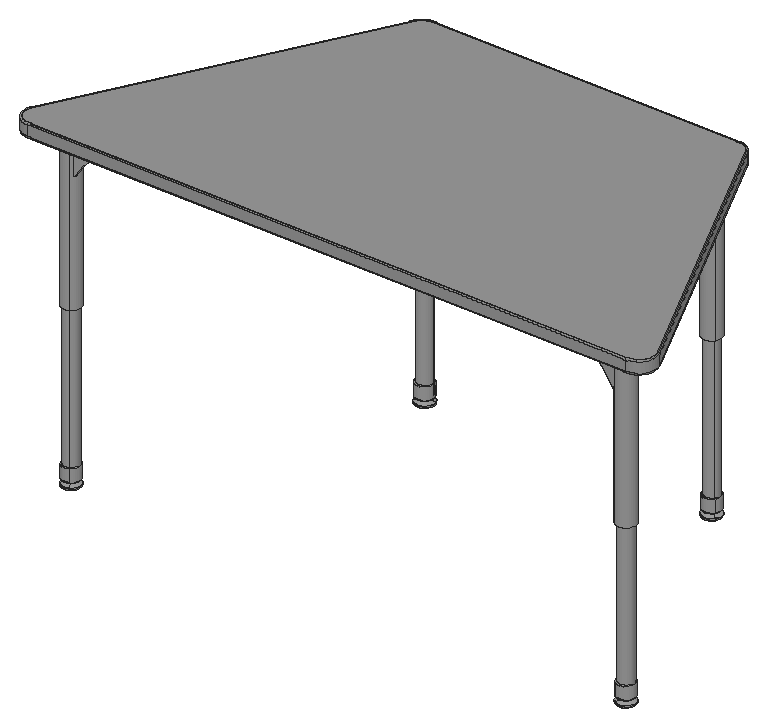
Revit family "Hierarchy Activity 60x30 Trapezoid Table", category Furniture, Revit 2018
Family settings
  Work Plane-Based = No
  Always vertical = Yes
  Cut with Voids When Loaded = No
  Shared = No
  Room Calculation Point = No
Parameters
  Table Height = 2' - 5"
  Surface = Hierarchy Activity 60x30 Trapezoid Table Surface
  Leg Finish = Hierarchy Leg Platinum
  Edgeband = Hierarchy Activity 60x30 Trapezoid Table Edgeband
  Caster/Glide = Hierarchy Leg - Glide : Hierarchy Leg - Glide
Reference planes (in)
  plane 1 "Center (Front/Back)": y = 0
  plane 2: z = 0
  plane 3 "Center (Left/Right)": x = 0
  plane 4: z = 29
Dimensions and locks (in)
  "Table Height": plane 4 to level
  aligned and locked: plane 2 to level
  aligned and locked: nested 1 to plane 4
Nested families (in)
  nested 1: "Activity 60x30 Trapezoid Tabletop" at (0, 0, 5.075), type "Activity 60x30 Trapezoid Tabletop"
  nested 2: "Hierarchy Leg - Glide" at (-13.23136, 12.18813, 0) x (0.8507, 0.5257, 0) z (0, 0, 1), type <- "Caster/Glide", Leg Finish <- "Leg Finish", Leg Height <- "Table Height", type "Hierarchy Leg - Glide"
  nested 3: "Hierarchy Leg - Glide" at (13.23136, 12.18813, 0) x (-0.8507, 0.5257, 0) z (0, 0, 1), type <- "Caster/Glide", Leg Finish <- "Leg Finish", Leg Height <- "Table Height", type "Hierarchy Leg - Glide"
  nested 4: "Hierarchy Leg - Glide" at (-25.56328, -13.10714, 0) x (-0.5257, 0.8507, 0) z (0, 0, 1), Leg Finish <- "Leg Finish", Leg Height <- "Table Height", type "Hierarchy Leg - Glide"
    with Leg Height 2' - 5", Leg Finish Hierarchy Leg Platinum
  nested 5: "Hierarchy Leg - Glide" at (25.56328, -13.10714, 0) x (0.5257, 0.8507, 0) z (0, 0, 1), Leg Finish <- "Leg Finish", Leg Height <- "Table Height", type "Hierarchy Leg - Glide"
    with Leg Height 2' - 5", Leg Finish Hierarchy Leg Platinum
Definition of nested family "Activity 60x30 Trapezoid Tabletop"
  Parameters (values of type "Activity 60x30 Trapezoid Tabletop")
    Surface = none
    Edgeband = none
  Reference planes (in)
    plane 1 "Center (Front/Back)": y = 0
    plane 2: z = 0
    plane 3 "Center (Left/Right)": x = 0
  Forms (in)
    Extrusion 1, solid, material <- "Surface"
      sketch origin (0, 0, 0) x (1, 0, 0) y (0, 1, 0)
        loop
          line (14.07295, 14.26389) -> (-14.07295, 14.26389)
          arc (-14.07295, 14.26389) -> (-14.79945, 14.05751) -> (-15.30895, 13.5) r 1.38189
          line (-15.30895, 13.5) -> (-28.80895, -13.5)
          arc (-28.80895, -13.5) -> (-28.74845, -14.8445) -> (-27.57295, -15.49989) r 1.38189
          line (-27.57295, -15.49989) -> (27.57295, -15.49989)
          arc (27.57295, -15.49989) -> (28.74845, -14.8445) -> (28.80895, -13.5) r 1.38189
          line (28.80895, -13.5) -> (15.30895, 13.5)
          arc (15.30895, 13.5) -> (14.79945, 14.05751) -> (14.07295, 14.26389) r 1.38189
      from 23.925 to 25.125
    Sweep 2, solid, material <- "Edgeband"
      path origin (0, 0, 0) x (1, 0, 0) y (0, 1, 0)
        loop
          line (-27.57295, -15.49989) -> (27.57295, -15.49989)
          arc (27.57295, -15.49989) -> (28.74845, -14.8445) -> (28.80895, -13.5) r 1.38189
          line (28.80895, -13.5) -> (15.30895, 13.5)
          arc (15.30895, 13.5) -> (14.79945, 14.05751) -> (14.07295, 14.26389) r 1.38189
          line (14.07295, 14.26389) -> (-14.07295, 14.26389)
          arc (-14.07295, 14.26389) -> (-14.79945, 14.05751) -> (-15.30895, 13.5) r 1.38189
          line (-15.30895, 13.5) -> (-28.80895, -13.5)
          arc (-28.80895, -13.5) -> (-28.74845, -14.8445) -> (-27.57295, -15.49989) r 1.38189
      profile origin (0, -15.49989, 0) x (0, 1, 0) y (0, 0, 1)
        loop
          arc (0, 25.125) -> (-0.08352, 25.09041) -> (-0.11811, 25.00689) r 0.11811
          line (-0.11811, 25.00689) -> (-0.11811, 24.04311)
          arc (-0.11811, 24.04311) -> (-0.08352, 23.95959) -> (0, 23.925) r 0.11811
          line (0, 23.925) -> (0, 25.125)
  Dimensions and locks (in)
    aligned and locked: plane 2 to level
Definition of nested family "Hierarchy Leg - Glide"
  Parameters (values of type "Hierarchy Leg - Glide")
    Leg Finish [instance] = none
    Leg Height [instance] = 2' - 5"
  Reference planes (in)
    plane 1 "Center (Front/Back)": y = 0
    plane 2: z = 0
    plane 3 "Center (Left/Right)": x = 0
  Forms (in)
    Extrusion 1, solid
      sketch origin (-0.01562, 0, 0) x (1, 0, 0) y (0, 1, 0)
        loop
          circle (0.01563, 0) r 0.67016
      from 0.67618 to 16.17618
    Revolve 2, solid
      sketch origin (0, 0, 0) x (1, 0, 0) y (0, 0, 1)
        loop
          line (-0.73189, 1.80118) -> (-0.79439, 1.73867) -> (-0.79439, 0.61381) -> (-0.73176, 0.55118) -> (-0.125, 0.55118) -> (-0.125, 0.42618) -> (-0.84656, 0.16241) -> (-0.84656, 0.08994) -> (-0.81359, 0) -> (0, 0) -> (0, 1.80118) -> (-0.73189, 1.80118)
        axis (0, 1.80118) -> (0, 0)
      angle from 0 to 360
  Dimensions and locks (in)
    "Leg Height": nested 1 to level
    aligned and locked: plane 2 to level
  Automatic sketch dimensions
    plane 1 "Center (Front/Back)" to Extrusion 1 sketch curve = 0' - 0"
    Extrusion 1 sketch curve to plane 3 "Center (Left/Right)" = 0' - 0"
    Revolve 2 sketch curve to level = 0' - 0"
    Revolve 2 sketch curve to plane 3 "Center (Left/Right)" = 0' - 0"  (x2)
    Revolve 2 sketch curve to plane 3 "Center (Left/Right)" = 0' - 0 1/8"
    Revolve 2 sketch curve to Revolve 2 sketch curve = 0' - 0.60676"
    Revolve 2 sketch curve to Revolve 2 sketch curve = 0' - 0.73189"
    Revolve 2 sketch curve to Revolve 2 sketch curve = 0' - 0.06263"  (x2)
    Revolve 2 sketch curve to Revolve 2 sketch curve = 0' - 0.08183"
    Revolve 2 sketch curve to Revolve 2 sketch curve = 0' - 0.03297"
    level to Revolve 2 sketch curve = 0' - 0.08994"
    Revolve 2 sketch curve to Revolve 2 sketch curve = 0' - 0.07247"
    level to Revolve 2 sketch curve = 0' - 0.42618"
    Revolve 2 sketch curve to Revolve 2 sketch curve = 0' - 0 1/8"
    Revolve 2 sketch curve to Revolve 2 sketch curve = 0' - 1.12486"
    Revolve 2 sketch curve to Revolve 2 sketch curve = 0' - 0 1/16"
    Revolve 2 sketch curve to level = 2' - 0"
    Revolve 2 sketch curve to Revolve 2 sketch curve = 8' - 4.91764"
    radius of Extrusion 1 sketch curve = 0' - 0.67016"
  Nested families (in)
    nested 1: "Hierarchy Upper Leg 2023" at (0, 0, 1.19783), Shapes Leg Finish <- "Leg Finish", type "Hierarchy Upper Leg 2023"
      with Shapes Leg Finish none
  Definition of nested family "Hierarchy Upper Leg 2023"
    Parameters (values of type "Hierarchy Upper Leg 2023")
      Shapes Leg Finish [instance] = none
    Reference planes (in)
      plane 1 "Center (Front/Back)": y = 0
      plane 2: z = 0
      plane 3 "Center (Left/Right)": x = 0
    Forms (in)
      Extrusion 1, solid, material <- "Shapes Leg Finish"
        sketch origin (0, 0, 0) x (1, 0, 0) y (0, 1, 0)
          loop
            circle (0, 0) r 0.84802
        from 13.67618 to 27.67618
      Extrusion 2, solid, material <- "Shapes Leg Finish"
        sketch origin (0, 0, 0) x (1, 0, 0) y (0, 1, 0)
          loop
            line (-1.70174, 0.19183) -> (-2.88626, -2.26116)
            arc (-2.88626, -2.26116) -> (-2.83993, -3.09822) -> (-2.1063, -3.50394) r 0.86614
            line (-2.1063, -3.50394) -> (2.1063, -3.50394)
            arc (2.1063, -3.50394) -> (2.83993, -3.09822) -> (2.88626, -2.26116) r 0.86614
            line (2.88626, -2.26116) -> (1.70174, 0.19183)
            arc (1.70174, 0.19183) -> (0, 1.25984) -> (-1.70174, 0.19183) r 1.88976
        from 27.67618 to 27.80217
      Extrusion 3, solid, material <- "Shapes Leg Finish"
        sketch origin (-1.48519, 8.66524, 0) x (-0.434844, 0.900506, 0) y (0, 0, 1)
          loop
            line (-9.01425, 27.67618) -> (-11.80952, 27.67618)
            arc (-11.80952, 27.67618) -> (-11.92325, 27.58993) -> (-11.87088, 27.45715) r 0.11811
            arc (-11.87088, 27.45715) -> (-10.39364, 26.29679) -> (-9.23328, 24.81955) r 7.87402
            arc (-9.23328, 24.81955) -> (-9.1005, 24.76717) -> (-9.01425, 24.88091) r 0.11811
            line (-9.01425, 24.88091) -> (-9.01425, 27.67618)
        from -1.94075 to -1.81476
      Extrusion 4, solid, material <- "Shapes Leg Finish"
        sketch origin (1.48519, 8.66524, 0) x (0.434844, 0.900506, 0) y (0, 0, -1)
          loop
            line (-9.01425, -27.67618) -> (-9.01425, -24.88091)
            arc (-9.01425, -24.88091) -> (-9.1005, -24.76717) -> (-9.23328, -24.81955) r 0.11811
            arc (-9.23328, -24.81955) -> (-10.39364, -26.29679) -> (-11.87088, -27.45715) r 7.87402
            arc (-11.87088, -27.45715) -> (-11.92325, -27.58993) -> (-11.80952, -27.67618) r 0.11811
            line (-11.80952, -27.67618) -> (-9.01425, -27.67618)
        from -1.94075 to -1.81476
    Dimensions and locks (in)
      aligned and locked: plane 2 to level
